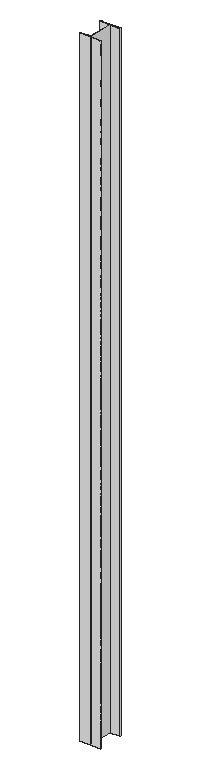
Revit family "VSE - Vigas com solda elétrica - Coluna", category Pilares estruturais, Revit 2019
Family settings
  Forma do corte = Não definido
  Material para o comportamento do modelo = Aço
  Exportar sempre como geometria = Não
  Redução da viga na planta = Da caixa de vinculação
  Corte com vazios quando carregada = Não
  Representação simbólica = Das configurações de projeto
  Compartilhado = Não
  Exibir o pré-corte da família na vista da planta = Sim
Parameters (values of type "VE 100x6")
  tw = 3 mm
  tf = 3 mm
  d = 100 mm
  bf = 80 mm
  W = 0.006
  Structural Material [instance] = Metal - Aço - 250 MPa
  A = 0.00076 m²
Reference planes
  plane 1 "Centro (Frente/Trás)": y = 0
  plane 2: z = 0
  plane 3 "Centro (Esquerda/Direita)": x = 0
  plane 4 "Esquerda": x = -40
  plane 5 "Direita": x = 40
  plane 6 "Parte posterior": y = 50
  plane 7 "Parte frontal": y = -50
  plane 8: x = -1.5
  plane 9: x = 1.5
  plane 10: y = -47
  plane 11: y = 47
Forms (mm)
  Extrusion 1, solid, material "Metal - Aço - 250 MPa" <- "Structural Material", detail levels medium+fine
    sketch origin (0, 0, 0) x (1, 0, 0) y (0, 1, 0)
      loop
        line (-40, 50) -> (-40, 47) -> (-1.5, 47) -> (-1.5, -47) -> (-40, -47) -> (-40, -50) -> (40, -50) -> (40, -47) -> (1.5, -47) -> (1.5, 47) -> (40, 47) -> (40, 50) -> (-40, 50)
    from 0 to 2500
Lines and regions (mm)
  symbolic lines, style "StructuralColumnStickSymbols", detail levels coarse
    curve 1: line (40, 50, 0) -> (-40, 50, 0)
    curve 2: line (-40, -50, 0) -> (40, -50, 0)
    curve 3: line (0, 50, 0) -> (0, -50, 0)
  symbolic lines, style "Faces ocultas", detail levels medium+fine
    curve 4: line (1.5, 50, 0) -> (1.5, 50, 2500)
    curve 5: line (-1.5, 50, 2500) -> (-1.5, 50, 0)
Dimensions and locks
  equal spacing: plane 4 "Esquerda", plane 3 "Centro (Esquerda/Direita)", plane 5 "Direita"
  equal spacing: plane 7 "Parte frontal", plane 1 "Centro (Frente/Trás)", plane 6 "Parte posterior"
  "bf": plane 4 "Esquerda" to plane 5 "Direita"
  "d": plane 7 "Parte frontal" to plane 6 "Parte posterior"
  "tf": plane 6 "Parte posterior" to plane 11
  "tf": plane 10 to plane 7 "Parte frontal"
  equal spacing: plane 8, plane 3 "Centro (Esquerda/Direita)", plane 9
  "tw": plane 8 to plane 9
  aligned and locked: level to plane 2
  aligned and locked: plane 6 "Parte posterior" to Extrusion 1 sketch curve
  aligned and locked: Extrusion 1 sketch curve to plane 7 "Parte frontal"
  aligned and locked: plane 5 "Direita" to Extrusion 1 sketch curve  (x2)
  aligned and locked: Extrusion 1 sketch curve to plane 4 "Esquerda"  (x2)
  aligned and locked: level to Extrusion 1
  aligned and locked: Extrusion 1 to level
  aligned and locked: plane 11 to Extrusion 1 sketch curve  (x2)
  aligned and locked: plane 8 to Extrusion 1 sketch curve
  aligned and locked: plane 9 to Extrusion 1 sketch curve
  aligned and locked: Extrusion 1 sketch curve to plane 10  (x2)
  aligned and locked: curve 1 to Extrusion 1
  aligned and locked: curve 2 to Extrusion 1
  aligned and locked: curve 3 to plane 3 "Centro (Esquerda/Direita)"
  aligned and locked: plane 4 "Esquerda" to curve 1
  aligned and locked: plane 5 "Direita" to curve 1
  aligned and locked: plane 4 "Esquerda" to curve 2
  aligned and locked: plane 5 "Direita" to curve 2
  aligned and locked: plane 7 "Parte frontal" to curve 3
  aligned and locked: plane 6 "Parte posterior" to curve 3
  aligned and locked: curve 4 to Extrusion 1
  aligned and locked: curve 5 to Extrusion 1
  aligned and locked: level to curve 4
  aligned and locked: level to curve 5
  aligned and locked: plane 2 to curve 4
  aligned and locked: plane 2 to curve 5
Automatic sketch dimensions
  curve 5 to plane 8 = 0 mm
  plane 9 to curve 4 = 0 mm
Types in the file's own list only (16): name | tw | tf | d | bf | W | A
  VE 150x11 | 3 mm | 5 mm | 150 mm | 100 mm | 0.0108 | 0.00 m²
  VE 200x14 | 3 mm | 5 mm | 200 mm | 125 mm | 0.0138 | 0.00 m²
  VE 250x19 | 5 mm | 5 mm | 250 mm | 125 mm | 0.0183 | 0.00 m²
  VE 300x26 | 5 mm | 6 mm | 300 mm | 150 mm | 0.0257 | 0.00 m²
  VE 350x35 | 5 mm | 8 mm | 350 mm | 175 mm | 0.0344 | 0.00 m²
  VE 400x44 | 5 mm | 10 mm | 400 mm | 200 mm | 0.044 | 0.01 m²
  VE 450x59 | 6 mm | 10 mm | 450 mm | 250 mm | 0.0598 | 0.01 m²
  CE 150x20 | 5 mm | 6 mm | 150 mm | 150 mm | 0.0201 | 0.00 m²
  CE 200x34 | 6 mm | 8 mm | 200 mm | 200 mm | 0.0343 | 0.00 m²
  CE 250x49 | 6 mm | 10 mm | 250 mm | 250 mm | 0.0488 | 0.01 m²
  CE 300x76 | 8 mm | 13 mm | 300 mm | 300 mm | 0.0761 | 0.01 m²
  VEE 100x11 | 5 mm | 5 mm | 100 mm | 100 mm | 0.0108 | 0.00 m²
  VEE 150x18 | 5 mm | 8 mm | 150 mm | 100 mm | 0.0176 | 0.00 m²
  VEE 200x26 | 5 mm | 10 mm | 200 mm | 125 mm | 0.0254 | 0.00 m²
  VEE 250x35 | 5 mm | 10 mm | 250 mm | 175 mm | 0.0347 | 0.00 m²
  VEE 300x50 | 5 mm | 13 mm | 300 mm | 200 mm | 0.0495 | 0.01 m²
